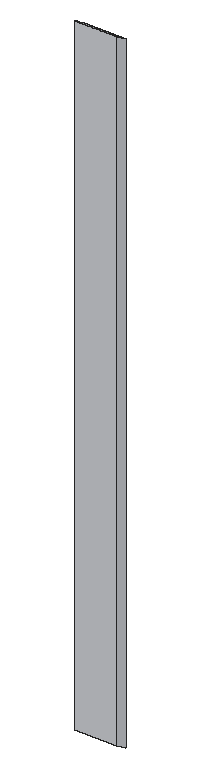
Revit family "05325e3acc884abd84ee066ae7ab66a6", category Balusters, Revit 2021
Family settings
  OmniClass Number = 23.30.80.11.11.14
  OmniClass Title = Posts, Newel Posts, Pickets
  Always vertical = Yes
  Cut with Voids When Loaded = No
  Shared = No
Parameters (values of type "2" x 1/2"")
  Width = 0' - 2"
  built-in parameter 1008623 [instance] = 32.47°
  Thickness = 0' - 0 1/2"
  built-in parameter 1008625 [instance] = (empty or 0)
  Post = no
  built-in parameter 1008624 [instance] = 32.47°
  Baluster Material = none
  built-in parameter 1008622 [instance] = 2' - 6"
Reference planes (in)
  plane 1 "Center (Front/Back)": y = 0
  plane 2: z = 0
  plane 3 "Center (Left/Right)": x = 0
  plane 4 "Top": z = 30
  plane 5 "Top Cut Angle": through (0, 13.58797, 21.35351) normal (0, -0.5369, -0.8437)
  plane 6 "Bottom Cut Angle": through (0, 0, 0) normal (0, -0.5369, -0.8437)
  plane 7: y = 0.25
  plane 8: y = -0.25
  plane 9: x = -1
  plane 10: x = 1
  plane 11: z = 34
  plane 12: z = -4
Forms (in)
  Extrusion 1, solid, material <- "Baluster Material"
    sketch origin (0, 0, 0) x (1, 0, 0) y (0, 1, 0)
      loop
        line (-1, 0.25) -> (-1, -0.25) -> (1, -0.25) -> (1, 0.25) -> (-1, 0.25)
    from -4 to 34
  Extrusion 2, void
    sketch origin (0, 0, 0) x (0, 1, 0) y (0, 0, 1)
      loop
        line (0.25, 34) -> (-0.25, 34) -> (-0.25, 30.15908) -> (0.25, 29.84092) -> (0.25, 34)
    from -1 to 1
  Extrusion 3, void
    sketch origin (0, 0, 0) x (0, 1, 0) y (0, 0, 1)
      loop
        line (-0.25, 0.15908) -> (-0.25, -4) -> (0.25, -4) -> (0.25, -0.15908) -> (-0.25, 0.15908)
    from -1 to 1
Cuts and joins
  Extrusion 2, Extrusion 3 cuts Extrusion 1
Text (in)
  text "Baluster Elevation" at (0, 56.5946, 48.5925), in view "Left"
Dimensions and locks (in)
  "built-in parameter 1008622": plane 2 to plane 4 "Top"
  equal spacing: plane 7, plane 1 "Center (Front/Back)", plane 8
  "Thickness": plane 7 to plane 8
  equal spacing: plane 9, plane 3 "Center (Left/Right)", plane 10
  "Width": plane 9 to plane 10
  locked: plane 11 to plane 4 "Top" at 4
  locked: plane 2 to plane 12 at 4
  "built-in parameter 1008623": angle plane 4 "Top" to plane 5 "Top Cut Angle"
  "built-in parameter 1008624": angle level to plane 6 "Bottom Cut Angle"
  aligned and locked: plane 2 to level
  aligned and locked: Extrusion 1 sketch curve to plane 7
  aligned and locked: plane 8 to Extrusion 1 sketch curve
  aligned and locked: Extrusion 1 sketch curve to plane 10
  aligned and locked: plane 9 to Extrusion 1 sketch curve
  aligned and locked: plane 11 to Extrusion 1
  aligned and locked: Extrusion 1 to plane 12
  aligned and locked: plane 8 to Extrusion 2 sketch curve
  aligned and locked: plane 7 to Extrusion 2 sketch curve
  aligned and locked: Extrusion 2 sketch curve to plane 5 "Top Cut Angle"
  aligned and locked: Extrusion 2 sketch curve to plane 11
  aligned and locked: Extrusion 2 to plane 9
  aligned and locked: plane 10 to Extrusion 2
  aligned and locked: Extrusion 3 sketch curve to plane 6 "Bottom Cut Angle"
  aligned and locked: plane 7 to Extrusion 3 sketch curve
  aligned and locked: Extrusion 3 sketch curve to plane 8
  aligned and locked: Extrusion 3 sketch curve to plane 12
  aligned and locked: Extrusion 3 to plane 9
  aligned and locked: plane 10 to Extrusion 3
